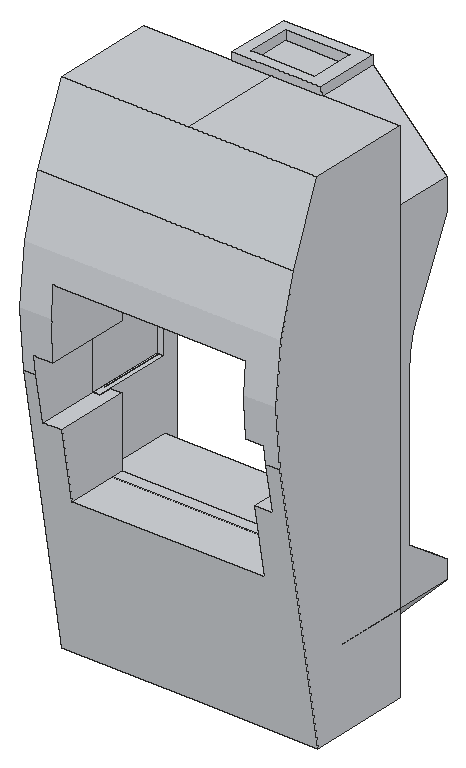
Revit family
Parameters
  Material ID = "760157719"
  Description = "INTERNATIONAL BLACK ADAPTER"
Reference planes (in)
  plane 1 "Center (Front/Back)": y = 0
  plane 2: z = 0
  plane 3 "Center (Left/Right)": x = 0
Forms (in)
  Extrusion 1, solid, not visible
    sketch origin (0, -14.305, 0) x (1, 0, 0) y (0, 0, 1)
      loop
        line (-8.5516, 0.86) -> (-8.5516, 0.46) -> (-7.9516, 0.46) -> (-7.9516, 0.86) -> (-8.5516, 0.86)
    from 0 to 0.77696
  Extrusion 2, solid
    sketch origin (0, 0, 0) x (1, 0, 0) y (0, 0, 1)
      loop
        line (0, 0.865) -> (-0.4315, 0.865) -> (-0.4315, 0) -> (-0.4315, -0.865) -> (0, -0.865) -> (0.4315, -0.865) -> (0.4315, 0.865) -> (0, 0.865)
    from 0 to 0.56
  Extrusion 3, void
    sketch origin (0, 0, 0) x (1, 0, 0) y (0, 0, 1)
      loop
        line (0.386, -0.8125) -> (0.386, 0.8125) -> (-0.38281, 0.8125) -> (-0.38281, -0.8125) -> (0.386, -0.8125)
    from -0.47848 to 0.22719
  Extrusion 4, solid
    sketch origin (0, 0, 0) x (1, 0, 0) y (0, 0, 1)
      loop
        line (0.16755, 0.8595) -> (-0.13386, 0.8595) -> (-0.416, 0.61424) -> (-0.416, -0.57634) -> (-0.16985, -0.8595) -> (0.166, -0.8595) -> (0.416, -0.6095) -> (0.416, 0.61105) -> (0.16755, 0.8595)
      loop
        line (0.366, 0.59034) -> (0.14384, 0.8125) -> (-0.11171, 0.8125) -> (-0.366, 0.59145) -> (-0.366, -0.55765) -> (-0.14446, -0.8125) -> (0.14229, -0.8125) -> (0.366, -0.58879) -> (0.366, 0.59034)
    from -0.21711 to 0.267
  Extrusion 5, void
    sketch origin (0, 0, 0) x (1, 0, 0) y (0, 0, 1)
      loop
        line (0, 0.3445) -> (-0.3255, 0.3445) -> (-0.3255, -0.3445) -> (0.3255, -0.3445) -> (0.3255, 0.3445) -> (0, 0.3445)
    from 0 to 12
  Extrusion 6, void
    sketch origin (0, 0, 0) x (1, 0, 0) y (0, 0, 1)
      loop
        line (-0.3255, 0.1095) -> (-0.3895, 0.1095) -> (-0.3895, -0.1095) -> (-0.3255, -0.1095) -> (-0.3255, 0.1095)
      loop
        line (0.3255, 0.1095) -> (0.3255, -0.1095) -> (0.3895, -0.1095) -> (0.3895, 0.1095) -> (0.3255, 0.1095)
    from 0 to 12
  Extrusion 7, solid
    sketch origin (0, 0, 0) x (1, 0, 0) y (0, 0, 1)
      loop
        line (-0.366, 0.37799) -> (-0.366, 0.3445) -> (0.366, 0.3445) -> (0.366, 0.37799) -> (-0.366, 0.37799)
      loop
        line (-0.366, -0.37799) -> (0.366, -0.37799) -> (0.366, -0.3445) -> (-0.366, -0.3445) -> (-0.366, -0.37799)
    from 0 to 0.267
  Extrusion 8, solid
    sketch origin (0, 0, 0) x (1, 0, 0) y (0, 1, 0)
      loop
        line (0.166, 0.21711) -> (-0.13386, 0.21711) -> (-0.13386, 0) -> (0.166, 0) -> (0.166, 0.21711)
    from 0.8595 to 0.89085
  Extrusion 9, solid
    sketch origin (0, 0, 0) x (1, 0, 0) y (0, 1, 0)
      loop
        line (0.14229, 0.21711) -> (-0.16985, 0.21711) -> (-0.16985, 0) -> (0.14229, 0) -> (0.14229, 0.21711)
    from -0.88635 to -0.8595
  Extrusion 10, void
    sketch origin (0, 0, 0) x (1, 0, 0) y (0, 1, 0)
      loop
        line (0.11888, 0.17993) -> (-0.09816, 0.17993) -> (-0.09816, 0.03315) -> (0.11888, 0.03315) -> (0.11888, 0.17993)
    from 0.8595 to 1.27359
  Extrusion 11, void
    sketch origin (0, 0, 0) x (1, 0, 0) y (0, 1, 0)
      loop
        line (0.11888, 0.17993) -> (-0.09816, 0.17993) -> (-0.09816, 0.03315) -> (0.11888, 0.03315) -> (0.11888, 0.17993)
    from -6.71683 to -0.8595
  Extrusion 12, void
    sketch origin (0, 0, 0) x (0, 1, 0) y (0, 0, 1)
      loop
        line (-0.34129, 0.885) -> (-0.7345, 0.885) -> (-0.7345, -0.865) -> (-0.34673, -0.865) -> (-0.50758, 0.04721)
        arc (-0.50758, 0.04721) -> (-0.51777, 0.34005) -> (-0.44677, 0.62433) r 1.0517
        line (-0.44677, 0.62433) -> (-0.34129, 0.885)
    from -0.80681 to 12
  Extrusion 13, void
    sketch origin (0, 0, 0) x (0, 1, 0) y (0, 0, 1)
      loop
        line (0.21864, 0.50875) -> (0.09828, 0.26199)
        arc (0.09828, 0.26199) -> (0.06757, 0.17527) -> (0.05716, 0.08387) r 0.40632
        line (0.05716, 0.08387) -> (0.05716, -0.43339) -> (0.40475, -0.67678) -> (0.40475, 0.50875) -> (0.21864, 0.50875)
    from -1.04006 to 12
Cuts and joins
  Extrusion 3, Extrusion 5, Extrusion 6, Extrusion 12 cuts Extrusion 2
  Extrusion 5, Extrusion 6, Extrusion 10, Extrusion 11, Extrusion 13 cuts Extrusion 4
  Extrusion 10, Extrusion 11, Extrusion 13 cuts Extrusion 8
  Extrusion 11, Extrusion 13 cuts Extrusion 9
  joined: Extrusion 4, Extrusion 8, Extrusion 9
